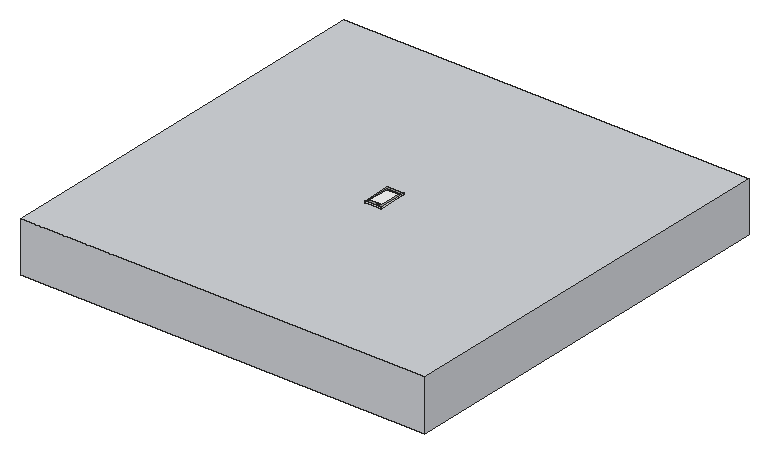
Revit family "Gira_207705", category Elektroinstallationen, Revit 2017
Family settings
  Basisbauteil = Fläche
  Beschriftungsausrichtung beibehalten = Ja
  Bemaßung runder Anschluss = Durchmesser verwenden
  Teiletyp = Normal
  Beim Laden mit Abzugskörper schneiden = Nein
  Gemeinsam genutzt = Nein
  Raumberechnungspunkt = Nein
Parameters (values of type "Gira G1 24 V Gira G1 G Schwarz")
  material_white = White
  material_black = Black
  Zentrale Funktionseinheit für Sender/Aktoren = yes
  Werkstoffgüte = "sonstige"
  Werkstoff Text = "sonstige"
  Default Elevation = 1219.2 mm
  URL = "https://www.gira.de/"
  Typname = "Gira G1 24 V Gira G1 G Schwarz"
  Type Comments = ""
  Transparent = no
  Temperaturregler = yes
  Status-LED = yes
  Schutzart (IP) = "IP21"
  Präsenztaster = no
  Produktseite = "https://media.stage.bim.site/t/eyJhbGciOiJIUzI1NiIsInR5cCI6IkpXVCJ9.eyJjdCI6MiwidHUiOiJodHRwOi8va2F0YWxvZy5naXJhLmRlL2RlX0RFL2RhdGVuYmxhdHQuaHRtbD9hcnRpa2VsbnI9MjA3NzA1IiwiY2lkIjoiMzI3N2NjMjMtODFhOS00ZWUzLWE5MGEtYjQ3YmI0YzBiNjE2IiwicmlkIjoiNzcxNWMyNjllNzQ0MDgwNDVlZWRhOTE2ZDA2MTkxZDYiLCJwaWQiOiIzNDczNDMyMzQyYmM4YjM2MDMwMTc4NmIwNjBlNDQxNTNiNWZkZDA4Iiwic2lkIjoiNjM0NzAiLCJ1dCI6MSwibGMiOiJkZSIsImlhdCI6MTYwMDkzOTExMiwiaXNzIjoiaHR0cHM6Ly9hcGkubGl2ZS5iaW0uc2l0ZSIsInN1YiI6ImFkbWluQGJpbXNpdGUuZGV2In0.G0Ix_1ITuhc3S0jd-s1hmXUnenJFbDbguiyjqegJa0c"
  Oberfläche Text = "sonstige"
  Montageart = "Unterputz"
  Model = ""
  Mit Display = yes
  Mit Diebstahl-/Demontageschutz = yes
  Mit Busankopplung = no
  Kosten = 0
  IR-Sensor = no
  Hersteller = "Gira"
  HeinzeBIM = "https://www.heinze.de/bim/gira-g1-24-v-gira-g1-g-schwarz/3473432342bc8b360301786b060e44153b5fdd08"
  HAN = "207705"
  GTIN = "4010337014287"
  Farbe = "schwarz"
  Datenblatt 1 = "https://media.stage.bim.site/t/eyJhbGciOiJIUzI1NiIsInR5cCI6IkpXVCJ9.eyJjdCI6MSwidGYiOiJwdWJsaWMvZ2lyYS9hZThjNTU3LzIwNzcwNS50eHQiLCJjaWQiOiIzMjc3Y2MyMy04MWE5LTRlZTMtYTkwYS1iNDdiYjRjMGI2MTYiLCJyaWQiOiI3NzE1YzI2OWU3NDQwODA0NWVlZGE5MTZkMDYxOTFkNiIsInBpZCI6IjM0NzM0MzIzNDJiYzhiMzYwMzAxNzg2YjA2MGU0NDE1M2I1ZmRkMDgiLCJzaWQiOiI2MzQ3MCIsInV0IjoxLCJsYyI6ImRlIiwiaWF0IjoxNjAwOTM5MTEyLCJpc3MiOiJodHRwczovL2FwaS5saXZlLmJpbS5zaXRlIiwic3ViIjoiYWRtaW5AYmltc2l0ZS5kZXYifQ.Y2M5-zpuQ0QBEBOGQ0R87qG65ZGDlTEcFvFNhMpYDJY/207705.txt"
  Datenblatt = "https://media.stage.bim.site/t/eyJhbGciOiJIUzI1NiIsInR5cCI6IkpXVCJ9.eyJjdCI6MSwidHUiOiJodHRwczovL2thdGFsb2cuZ2lyYS5kZS9kZV9ERS9kb3dubG9hZC5odG1sP2FydGlrZWxucj0yMDc3MDUiLCJjaWQiOiIzMjc3Y2MyMy04MWE5LTRlZTMtYTkwYS1iNDdiYjRjMGI2MTYiLCJyaWQiOiI3NzE1YzI2OWU3NDQwODA0NWVlZGE5MTZkMDYxOTFkNiIsInBpZCI6IjM0NzM0MzIzNDJiYzhiMzYwMzAxNzg2YjA2MGU0NDE1M2I1ZmRkMDgiLCJzaWQiOiI2MzQ3MCIsInV0IjoxLCJsYyI6ImRlIiwiaWF0IjoxNjAwOTM5MTEyLCJpc3MiOiJodHRwczovL2FwaS5saXZlLmJpbS5zaXRlIiwic3ViIjoiYWRtaW5AYmltc2l0ZS5kZXYifQ.tYselsliOISx3SzJsG6GL6Lxm21RQO0TJ4daaZn4SXc"
  DCF77 Empfänger integriert = no
  Bussystem Powernet = no
  Bussystem LON = no
  Bussystem KNX-Funk = no
  Bussystem KNX = yes
  Bussystem Funkbus = no
  Beschreibung = "Gira G1 24 V  Glas Schwarz Der Gira G1 ist ein multifunktionales Raumbediengerät zur Visualisierung und Bedienung vielfältiger Gebäudefunktionen. Zum Einsatz im KNX System und im Gira Türkommunikations-System oder als Client. Der jeweilige Funktionsumfang hängt von der verwendeten Firmware ab.  Den genauen Funktionsumfang entnehmen Sie bitte dem Gira Onlinekatalog sowie der technischen Gerätedokumentation.  Merkmale:  Die Bedienung erfolgt über ein gestenfähiges Multitouchdisplay.  Anbindung und Kommunikation ist variantenabhängig über LAN oder WLAN.  Integrierter Lautsprecher.  Integriertes Mikrofon mit Echokompensation.    Einsatzmöglichkeiten und Kombinationen:  Der Gira G1 als multifunktionales Raumbediengerät stellt folgende Funktionen bzw. Kombinationen von Funktionen zur Verfügung:  KNX Raumbediengerät  Wohnungsstation Video  Client für folgende Systeme   Server - HomeServer – eNet – X1- Sicherheitssystem Alarm Connect  Einbindung von Internetdiensten Eigenschaften als KNX Raumbediengerät:  Intuitiv bedienbare und durch den Endbenutzer anpassbare Benutzeroberfläche.  Schalten, Tasten, Dimmen (relativ u. absolut), Dimmen (inkl. Dimmen RGB, RGBW u. Tunable White) Jalousie- und Rollladensteuerung, Wertgeber, Szenennebenstelle.  Statusanzeige, Anzeige von Datum und Uhrzeit, Anzeige von Innen- und Außentemperatur.  Bis zu 150 Funktionen (sechs Funktionsordner bzw. Räume mit jeweils bis zu 25 Funktionen).  Bis zu 125 Wochen-Zeitschaltuhren mit jeweils 10 Schaltzeiten.  Raumtemperaturregler in Kombination mit dem optional erhältlicher Temperaturfühlermodul oder KNX Geräten zur Raumtemperaturmessung, z. B. Tastsensor 3 Komfort.  Betriebsmodi: Komfort, Stand-by, Nacht und Frost- bzw. Hitzeschutz mit jeweils eigenen Temperatursollwerten (für Heizen und bzw. oder Kühlen).  Betriebsmodi individuell anpassbar.  Eine Heizungsuhr als Wochen-Zeitschaltuhr mit 28 Schaltzeiten.  Raumtemperaturregler-Nebenstelle zur Ansteuerung von Klimaanlagen (Fancoil) in Verbindung mit einem KNX Gateway für Klimaanlagen. Eigenschaften als Wohnungsstation Video:  Kameraumschaltung: gezielte Anwahl der angeschlossenen Farbkameras.   Ansteuerung des Türöffners.  Rufton ein- und ausschalten.  Rufton wählbar aus 10 Melodien. Eigenschaften als Wohnungsstation mit SIP-Client:  Client Funktion für SIP Fremdsysteme von z. B. Comelit, TCS, SCHÜCO  SIP Direct calls oder über Registrar möglich  64 Internrufe möglich z. B. zum Concierge  Early Media Unterstützung für Videobild Einbindung von Internetdiensten:  Gira Wetterportal: Anzeige der Wetterprognose für bis zu fünf Orte (Internetverbindung erforderlich). Der Gira G1 kann auch als Client für folgende Systeme   Server eingesetzt werden::  HomeServer Client  eNet Client  X1 Client  Sicherheitssystem Alarm Connect  In der Funktion als Client stehen die Funktionen des KNX Raumbediengeräts nicht zur Verfügung. Den genauen Funktionsumfang entnehmen Sie bitte dem Gira Onlinekatalog sowie der technischen Gerätedokumentation.  Gira G1 mit Unterputz-Anschlussmodul 24 V WLAN zum Anschluss an eine geeignete Leitung (z. B. an das zweite Adernpaar der KNX Busleitung).  Datenkommunikation über WLAN.  Hinweise :  Nur zur Verwendung im Innenbereich geeignet.  Empfohlene Montagehöhe: 150 cm ab Fußboden.  Die Montage erfolgt auf eine tiefe Gerätedose (Empfehlung Elektronikdose bei LAN-Anschluss).  Die Kommunikation zur KNX Installation erfolgt ausschließlich über den KNXnet IP Standard.  Zur Anbindung des Gira G1 PoE an die KNX Installation muss ein KNX IP-Router verwendet werden. Es können mehrere Gira G1 an einem KNX IP-Router betrieben werden.  Zur Anbindung des Gira G1 230 V oder G1 24 V an die KNX Installation ist ein Gira KNX IP-Router (ab Firmwareversion 3) erforderlich um eine zuverlässige Kommunikation im WLAN sicherzustellen. Hierzu ist der Gira KNX IP-Router (ab Firmwareversion 3) speziell mit der Zusatzfunktion Zuverlässige Datenkommunikation\" ausgestattet. Es können mehrere Gira G1 an einem Gira KNX IP-Router (ab Firmwareversion 3) betrieben werden.  Hardware ab Indexstand I08 für KNX Secure vorbereitet (zusätzliches Firmeware-Update erforderlich).  Inbetriebnahme im KNX System ab ETS 5.5 oder höher.  Als Wohnungsstation nutzbar in Verbindung mit TKS-IP-Gateway.  Bitte beachten Sie bei der Planung der Anlage die technischen Informationen zur Netzwerkplanung in der Gerätedokumentation.  Für Firmware-Updates wird der Gira Projekt Assistent (GPA) benötigt. Der GPA ist kostenlos im Gira Downloadbereich verfügbar.  Zur Nutzung der Zeitschaltuhren ist entweder eine Internetverbindung zu einem NTP-Zeitserver oder ein entsprechender KNX Zeitgeber (z.B. Gira Wetterstation Plus 2074 00) erforderlich.  Für die Montage des Unterputz-Anschlussmoduls PoE wird die Verwendung einer Elektronikdose empfohlen.  Es wird ein handelsüblicher PoE-fähiger Switch bzw. Router oder ein PoE-Injector benötigt.  Bei der Dimensionierung der Spannungsversorgung ist unbedingt die gesamte Leistungsaufnahme aller angeschlossenen Verbraucher sowie der Spannungsfall über das Leitungsnetz zu berücksichtigen.\""
  Assembly Code = ""
  Keynote = ""
  BIMSITE_PRODUCT_ID = "3473432342bc8b360301786b060e44153b5fdd08"
  BIM = "https://media.stage.bim.site/t/eyJhbGciOiJIUzI1NiIsInR5cCI6IkpXVCJ9.eyJjdCI6MSwidGYiOiJwdWJsaWMvZ2lyYS9hZThjNTU3L0dpcmFfRzEucmZhIiwiY2lkIjoiMzI3N2NjMjMtODFhOS00ZWUzLWE5MGEtYjQ3YmI0YzBiNjE2IiwicmlkIjoiNzcxNWMyNjllNzQ0MDgwNDVlZWRhOTE2ZDA2MTkxZDYiLCJwaWQiOiIzNDczNDMyMzQyYmM4YjM2MDMwMTc4NmIwNjBlNDQxNTNiNWZkZDA4Iiwic2lkIjoiNjM0NzAiLCJ1dCI6NSwibGMiOiJkZSIsImlhdCI6MTYwMDkzOTExMiwiaXNzIjoiaHR0cHM6Ly9hcGkubGl2ZS5iaW0uc2l0ZSIsInN1YiI6ImFkbWluQGJpbXNpdGUuZGV2In0.KaSXR-B2CyfAkeFRSMXVrI_avoD3o0e527MgBOMGmDs/Gira_G1.rfa"
  Ausführung der Oberfläche = "nicht zutreffend"
  Andere Bussysteme = "eNet"
Reference planes
  plane 1 "Center (Front/Back)": y = 0
  plane 2: z = 0
  plane 3 "Center (Left/Right)": x = 0
Forms (mm)
  Extrusion 1, solid
    sketch origin (0, 0, 0) x (1, 0, 0) y (0, 1, 0)
      loop
        line (-1219.2, 1219.2) -> (-1219.2, -1219.2) -> (1219.2, -1219.2) -> (1219.2, 1219.2) -> (-1219.2, 1219.2)
    from 0 to -304.8
  Extrusion 2, solid, material "White" <- "material_white", detail levels fine
    sketch origin (0, 0, 0) x (1, 0, 0) y (0, 1, 0)
      loop
        arc (-47, 84) -> (-48.061, 83.561) -> (-48.5, 82.5) r 1.5
        line (-48.5, 82.5) -> (-48.5, -82.5)
        arc (-48.5, -82.5) -> (-48.061, -83.561) -> (-47, -84) r 1.5
        line (-47, -84) -> (47, -84)
        arc (47, -84) -> (48.061, -83.561) -> (48.5, -82.5) r 1.5
        line (48.5, -82.5) -> (48.5, 82.5)
        arc (48.5, 82.5) -> (48.061, 83.561) -> (47, 84) r 1.5
        line (47, 84) -> (-47, 84)
    from 0 to 7.654
  Extrusion 3, solid, material "Black" <- "material_black", detail levels fine
    sketch origin (0, 0, 0) x (1, 0, 0) y (0, 1, 0)
      loop
        arc (44.153, 78.61) -> (43.716, 79.665) -> (42.661, 80.102) r 1.492
        line (42.661, 80.102) -> (-42.661, 80.102)
        arc (-42.661, 80.102) -> (-43.716, 79.665) -> (-44.153, 78.61) r 1.492
        line (-44.153, 78.61) -> (-44.153, -78.61)
        arc (-44.153, -78.61) -> (-43.716, -79.665) -> (-42.661, -80.102) r 1.492
        line (-42.661, -80.102) -> (42.661, -80.102)
        arc (42.661, -80.102) -> (43.716, -79.665) -> (44.153, -78.61) r 1.492
        line (44.153, -78.61) -> (44.153, 78.61)
    from 0 to -6.196
  Extrusion 4, solid, material "Black" <- "material_black", detail levels fine
    sketch origin (0, 0, 0) x (1, 0, 0) y (0, 1, 0)
      loop
        line (39.802, 66.02) -> (-39.802, 66.02) -> (-39.802, -66.02) -> (39.802, -66.02) -> (39.802, 66.02)
      loop
        line (47, 83.85) -> (-47, 83.85)
        arc (-47, 83.85) -> (-47.955, 83.455) -> (-48.35, 82.5) r 1.35
        line (-48.35, 82.5) -> (-48.35, -82.5)
        arc (-48.35, -82.5) -> (-47.955, -83.455) -> (-47, -83.85) r 1.35
        line (-47, -83.85) -> (47, -83.85)
        arc (47, -83.85) -> (47.955, -83.455) -> (48.35, -82.5) r 1.35
        line (48.35, -82.5) -> (48.35, 82.5)
        arc (48.35, 82.5) -> (47.955, 83.455) -> (47, 83.85) r 1.35
      loop
        arc (16.826, -70.87) -> (13.826, -73.87) -> (16.826, -76.87) r 3
        line (16.826, -76.87) -> (27.78, -76.87)
        arc (27.78, -76.87) -> (30.78, -73.87) -> (27.78, -70.87) r 3
        line (27.78, -70.87) -> (16.826, -70.87)
    from 6 to 8.604
  Extrusion 5, solid, material "Black" <- "material_black", detail levels fine
    sketch origin (0, 0, 0) x (1, 0, 0) y (0, 1, 0)
      loop
        line (27.78, -70.97) -> (16.826, -70.97)
        arc (16.826, -70.97) -> (13.926, -73.87) -> (16.826, -76.77) r 2.9
        line (16.826, -76.77) -> (27.78, -76.77)
        arc (27.78, -76.77) -> (30.68, -73.87) -> (27.78, -70.97) r 2.9
    from 6 to 8.5
  Extrusion 6, solid, material "Black" <- "material_black", detail levels medium
    sketch origin (0, 0, 0) x (1, 0, 0) y (0, 1, 0)
      loop
        line (44.153, 80.102) -> (-44.153, 80.102) -> (-44.153, -80.102) -> (44.153, -80.102) -> (44.153, 80.102)
    from 0 to -6.196
  Extrusion 7, solid, material "White" <- "material_white", detail levels medium
    sketch origin (0, 0, 0) x (1, 0, 0) y (0, 1, 0)
      loop
        line (-48.5, 84) -> (-48.5, -84) -> (48.5, -84) -> (48.5, 84) -> (-48.5, 84)
    from 0 to 7.654
  Extrusion 8, solid, material "Black" <- "material_black", detail levels medium
    sketch origin (0, 0, 0) x (1, 0, 0) y (0, 1, 0)
      loop
        line (48.35, 83.85) -> (-48.35, 83.85) -> (-48.35, -83.85) -> (48.35, -83.85) -> (48.35, 83.85)
    from 6 to 8.604
  Extrusion 9, solid, material "Black" <- "material_black", detail levels coarse
    sketch origin (0, 0, 0) x (1, 0, 0) y (0, 1, 0)
      loop
        line (48.5, 84) -> (-48.5, 84) -> (-48.5, -84) -> (48.5, -84) -> (48.5, 84)
    from -6.196 to 8.604
Dimensions and locks
  aligned and locked: plane 2 to Extrusion 1
  aligned and locked: level to Extrusion 1
  aligned and locked: plane 1 "Center (Front/Back)" to nested 1
  aligned and locked: plane 3 "Center (Left/Right)" to nested 1
Nested families
  nested 1: "symbol" at (0, 0, 0), type "symbol"
Connectors
  electrical at (0, 0, -6.196)
    settings: on Extrusion 9, index 1, voltage 230 V, apparent load 0 VA, apparent load phase1 0 VA, apparent load phase2 0 VA, apparent load phase3 0 VA, power factor 1, load classification "Other", number of poles 1, system type 30, power factor state 1, is connector primary yes, connector utility no, sub classification motor no, connector description ""
Definition of nested family "symbol"
  Reference planes
    plane 1: y = 0
    plane 2: x = 0
  Lines and regions (mm)
    Filled region 1, type "Gefüllter Bereich 1"
      outline origin (0, 0, 0) x (1, 0, 0) y (0, 1, 0)
        loop
          circle (-0.6, 2.4) r 0.4
    Filled region 2, type "Gefüllter Bereich 1"
      outline origin (0, 0, 0) x (1, 0, 0) y (0, 1, 0)
        loop
          circle (0.6, 2.4) r 0.4
    detail lines
      curve 1: line (0, 0, 0) -> (0, 2, 0)
      curve 2: line (0, 2, 0) -> (1.6, 2, 0)
      curve 3: line (1.6, 2, 0) -> (1.6, 3.6, 0)
      curve 4: circle (0.6, 2.4, 0) r 0.4 normal (0, 0, 1)
      curve 5: line (0, 2, 0) -> (-1.6, 2, 0)
      curve 6: line (-1.6, 2, 0) -> (-1.6, 3.6, 0)
      curve 7: circle (-0.6, 2.4, 0) r 0.4 normal (0, 0, -1)
